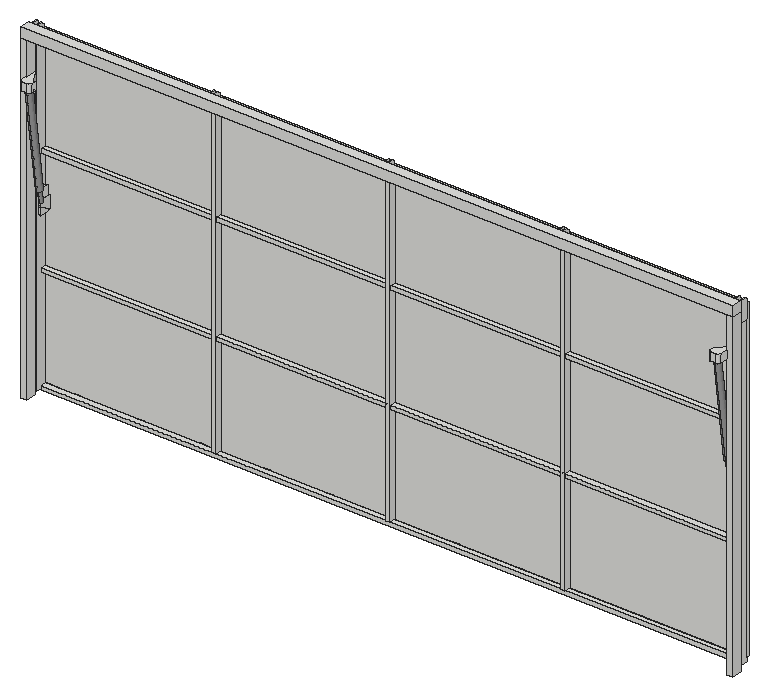
Revit family "Door-Hydraulic-PowerLift-Standard_Frame-Small", category Doors, host Wall, Revit 2026
Family settings
  Host = Wall
  Classification Number = 23.30.10.00
  Always vertical = Yes
  Cut with Voids When Loaded = No
  Shared = No
  Room Calculation Point = No
Parameters (values of type "30'W x 14'H")
  Vertical Rail Spacing [instance] = 88.50"
  URL = "https://powerliftdoors.com/"
  Type Comments = ""  # constant formula
  Rough Width = Width  # 360.00"
  Rough Opening Width [instance] = if(Outside Mount, Width - (3.00" * 2), Width)  # 354.00"
  Rough Opening Height [instance] = if(Outside Mount, Height - 5.00", Height)  # 163.00"
  Rough Height = Height  # 168.00"
  Outside Mount [instance] = not(Inside Mount)  # yes
  Model = "Standard Frame, Small Cylinder"
  Metal Sheeting Thickness [instance] = 1.00"
  Metal Sheeting Material [instance] = Steel - PowerLift
  Manufacturer Website = ""
  Manufacturer Phone - Toll Free = "855-368-9595"
  Manufacturer Phone = "507-368-9500"
  Manufacturer Fax = "507-368-1358"
  Manufacturer Email = "https://powerliftdoors.com/contact/"
  Manufacturer Address = "1482 200th Ave., P.O. Box 311, Lake Benton, MN 56149"
  Manufacturer = "PowerLift Hydraulic Doors"
  Inside Mount [instance] = no
  Horizontal Rail Spacing [instance] = 45.375"
  Function = Exterior
  Height = 168.00"
  Wall Closure = By host
  Width = 360.00"
  Frame Offset [instance] = if(Inside Mount, 7.00" + Metal Sheeting Thickness, 0.00")  # 0.00"
  Frame Material [instance] = Steel - PowerLift
  Door Open [instance] = no
  Door Closed [instance] = not(Door Open)  # yes
  Description = "Hydraulic Door - Standard Frame, Small Cylinder"
  Bottom Truss Interior [instance] = no
  Bottom Truss Exterior [instance] = not(Bottom Truss Interior)  # yes
  Analytic Construction = "<None>"
Types (58): name | Rough Width | Rough Opening Width | Rough Opening Height | Rough Height | Height | Width
  10'W x 16'H | 120.00" | 114.00" | 187.00" | 192.00" | 192.00" | 120.00"
  12'W x 16'H | 144.00" | 138.00" | 187.00" | 192.00" | 192.00" | 144.00"
  14'W x 16'H | 168.00" | 162.00" | 187.00" | 192.00" | 192.00" | 168.00"
  16'W x 16'H | 192.00" | 186.00" | 187.00" | 192.00" | 192.00" | 192.00"
  18'W x 16'H | 216.00" | 210.00" | 187.00" | 192.00" | 192.00" | 216.00"
  20'W x 16'H | 240.00" | 234.00" | 187.00" | 192.00" | 192.00" | 240.00"
  22'W x 16'H | 264.00" | 258.00" | 187.00" | 192.00" | 192.00" | 264.00"
  24'W x 16'H | 288.00" | 282.00" | 187.00" | 192.00" | 192.00" | 288.00"
  26'W x 16'H | 312.00" | 306.00" | 187.00" | 192.00" | 192.00" | 312.00"
  28'W x 16'H | 336.00" | 330.00" | 187.00" | 192.00" | 192.00" | 336.00"
  30'W x 14'H | 360.00" | 354.00" | 163.00" | 168.00" | 168.00" | 360.00"
  30'W x 16'H | 360.00" | 354.00" | 187.00" | 192.00" | 192.00" | 360.00"
  32'W x 8'H | 384.00" | 378.00" | 91.00" | 96.00" | 96.00" | 384.00"
  32'W x 10'H | 384.00" | 378.00" | 115.00" | 120.00" | 120.00" | 384.00"
  32'W x 12'H | 384.00" | 378.00" | 139.00" | 144.00" | 144.00" | 384.00"
  32'W x 14'H | 384.00" | 378.00" | 163.00" | 168.00" | 168.00" | 384.00"
  32'W x 16'H | 384.00" | 378.00" | 187.00" | 192.00" | 192.00" | 384.00"
  34'W x 8'H | 408.00" | 402.00" | 91.00" | 96.00" | 96.00" | 408.00"
  34'W x 10'H | 408.00" | 402.00" | 115.00" | 120.00" | 120.00" | 408.00"
  34'W x 12'H | 408.00" | 402.00" | 139.00" | 144.00" | 144.00" | 408.00"
  34'W x 14'H | 408.00" | 402.00" | 163.00" | 168.00" | 168.00" | 408.00"
  34'W x 16'H | 408.00" | 402.00" | 187.00" | 192.00" | 192.00" | 408.00"
  36'W x 8'H | 432.00" | 426.00" | 91.00" | 96.00" | 96.00" | 432.00"
  36'W x 10'H | 432.00" | 426.00" | 115.00" | 120.00" | 120.00" | 432.00"
  36'W x 12'H | 432.00" | 426.00" | 139.00" | 144.00" | 144.00" | 432.00"
  36'W x 14'H | 432.00" | 426.00" | 163.00" | 168.00" | 168.00" | 432.00"
  36'W x 16'H | 432.00" | 426.00" | 187.00" | 192.00" | 192.00" | 432.00"
  38'W x 8'H | 456.00" | 450.00" | 91.00" | 96.00" | 96.00" | 456.00"
  38'W x 10'H | 456.00" | 450.00" | 115.00" | 120.00" | 120.00" | 456.00"
  38'W x 12'H | 456.00" | 450.00" | 139.00" | 144.00" | 144.00" | 456.00"
  38'W x 14'H | 456.00" | 450.00" | 163.00" | 168.00" | 168.00" | 456.00"
  40'W x 8'H | 480.00" | 474.00" | 91.00" | 96.00" | 96.00" | 480.00"
  40'W x 10'H | 480.00" | 474.00" | 115.00" | 120.00" | 120.00" | 480.00"
  40'W x 12'H | 480.00" | 474.00" | 139.00" | 144.00" | 144.00" | 480.00"
  40'W x 14'H | 480.00" | 474.00" | 163.00" | 168.00" | 168.00" | 480.00"
  42'W x 8'H | 504.00" | 498.00" | 91.00" | 96.00" | 96.00" | 504.00"
  42'W x 10'H | 504.00" | 498.00" | 115.00" | 120.00" | 120.00" | 504.00"
  42'W x 12'H | 504.00" | 498.00" | 139.00" | 144.00" | 144.00" | 504.00"
  44'W x 8'H | 528.00" | 522.00" | 91.00" | 96.00" | 96.00" | 528.00"
  44'W x 10'H | 528.00" | 522.00" | 115.00" | 120.00" | 120.00" | 528.00"
  44'W x 12'H | 528.00" | 522.00" | 139.00" | 144.00" | 144.00" | 528.00"
  46'W x 8'H | 552.00" | 546.00" | 91.00" | 96.00" | 96.00" | 552.00"
  46'W x 10'H | 552.00" | 546.00" | 115.00" | 120.00" | 120.00" | 552.00"
  46'W x 12'H | 552.00" | 546.00" | 139.00" | 144.00" | 144.00" | 552.00"
  48'W x 8'H | 576.00" | 570.00" | 91.00" | 96.00" | 96.00" | 576.00"
  48'W x 10'H | 576.00" | 570.00" | 115.00" | 120.00" | 120.00" | 576.00"
  48'W x 12'H | 576.00" | 570.00" | 139.00" | 144.00" | 144.00" | 576.00"
  50'W x 8'H | 600.00" | 594.00" | 91.00" | 96.00" | 96.00" | 600.00"
  50'W x 10'H | 600.00" | 594.00" | 115.00" | 120.00" | 120.00" | 600.00"
  52'W x 8'H | 624.00" | 618.00" | 91.00" | 96.00" | 96.00" | 624.00"
  52'W x 10'H | 624.00" | 618.00" | 115.00" | 120.00" | 120.00" | 624.00"
  54'W x 8'H | 648.00" | 642.00" | 91.00" | 96.00" | 96.00" | 648.00"
  54'W x 10'H | 648.00" | 642.00" | 115.00" | 120.00" | 120.00" | 648.00"
  56'W x 8'H | 672.00" | 666.00" | 91.00" | 96.00" | 96.00" | 672.00"
  56'W x 10'H | 672.00" | 666.00" | 115.00" | 120.00" | 120.00" | 672.00"
  58'W x 8'H | 696.00" | 690.00" | 91.00" | 96.00" | 96.00" | 696.00"
  58'W x 10'H | 696.00" | 690.00" | 115.00" | 120.00" | 120.00" | 696.00"
  60'W x 8'H | 720.00" | 714.00" | 91.00" | 96.00" | 96.00" | 720.00"
Reference planes (in)
  plane 1 "Center (Front/Back)": y = 0
  plane 2 "Center (Left/Right)": x = 0
  plane 3 "Left": x = -180
  plane 4 "Right": x = 180
  plane 5 "Top": z = 168
  plane 6 "Exterior": y = 12
  plane 7 "Interior": y = -12
  plane 8 "Door Frame Host": y = 12
  plane 9: x = -177
  plane 10: x = 177
  plane 11 "Cylinder Left": x = -174.15525
  plane 12 "Cylinder Right": x = 174.09475
  plane 13 "Door Panel Host": y = 17
  plane 14 "Open Door Projection": y = 185
  plane 15: z = 88.53
  plane 16: y = 17.25
  plane 17: y = 98.11063
  plane 18: z = 163.10938
  plane 19: y = 9.5
  plane 20: z = 144
  plane 21: z = 162.5
  plane 22: y = 24.14063
Forms (in)
  Extrusion 1, solid, material "Steel - PowerLift" <- "Frame Material"
    sketch origin (0, 0, 0) x (1, 0, 0) y (0, 1, 0)
      loop
        line (-180, 17) -> (-180, 12) -> (-177, 12) -> (-177, 17) -> (-180, 17)
      loop
        line (177, 17) -> (177, 12) -> (180, 12) -> (180, 17) -> (177, 17)
    from 0 to 163
  Extrusion 2, solid, material "Steel - PowerLift" <- "Frame Material"
    sketch origin (0, 0, 0) x (0, 1, 0) y (0, 0, 1)
      loop
        line (12, 168) -> (12, 163) -> (17, 163) -> (17, 168) -> (12, 168)
    from -180 to 180
  Extrusion 3, solid, material "Steel - PowerLift" <- "Frame Material", visible <- "Inside Mount"
    sketch origin (180, 0, 0) x (0, -1, 0) y (0, 0, 1)
      loop
        line (-12, 165) -> (-12, 129) -> (-7, 134) -> (-7, 160) -> (-12, 165)
    from 0 to 3
  Extrusion 4, solid, material "Steel - PowerLift" <- "Frame Material", visible <- "Inside Mount", detail levels medium+fine
    sketch origin (-180, 0, 0) x (0, -1, 0) y (0, 0, 1)
      loop
        line (-12, 165) -> (-12, 129) -> (-7, 134) -> (-7, 160) -> (-12, 165)
    from 0 to -3
  Extrusion 5, solid, material "Steel - PowerLift" <- "Frame Material", detail levels medium+fine
    sketch origin (0, 0, 0) x (1, 0, 0) y (0, 1, 0)
      loop
        line (-177, 16.5) -> (-177, 8.25)
        arc (-177, 8.25) -> (-176.63388, 7.36612) -> (-175.75, 7) r 1.25
        line (-175.75, 7) -> (-172.875, 7)
        arc (-172.875, 7) -> (-171.99112, 7.36612) -> (-171.625, 8.25) r 1.25
        line (-171.625, 8.25) -> (-171.625, 10.625) -> (-172.375, 10.625) -> (-176.25, 16.5) -> (-177, 16.5)
      loop
        line (177, 16.5) -> (176.25, 16.5) -> (172.375, 10.625) -> (171.625, 10.625) -> (171.625, 8.25)
        arc (171.625, 8.25) -> (171.99112, 7.36612) -> (172.875, 7) r 1.25
        line (172.875, 7) -> (175.75, 7)
        arc (175.75, 7) -> (176.63388, 7.36612) -> (177, 8.25) r 1.25
        line (177, 8.25) -> (177, 16.5)
    from 142.875 to 146.875
Lines and regions (in)
  Opening 1
    outline origin (-90, -12, 0) x (1, 0, 0) y (0, 0, 1)
      loop
        line (-87, 0) -> (267, 0) -> (267, 163) -> (-87, 163) -> (-87, 0)
  symbolic lines, style "Elevation Swing"
    curve 1: line (-180, 12, 0) -> (0, 12, 168)
    curve 2: line (0, 12, 168) -> (180, 12, 0)
    curve 7: line (-180, 12, 0) -> (-180, 185, 0)
    curve 8: line (-180, 185, 0) -> (180, 185, 0)
    curve 9: line (180, 185, 0) -> (180, 12, 0)
  reference lines
    curve 3: line (-174.15525, 9.5, 144) -> (-174.15525, 17.25, 88.53)
    curve 4: line (174.09475, 9.5, 144) -> (174.09475, 17.25, 88.53)
    curve 5: line (174.09475, 9.5, 144) -> (174.09475, 98.11063, 163.10938)
    curve 6: line (-174.15525, 9.5, 144) -> (-174.15525, 98.11063, 163.10938)
  model lines
    curve 10: line (0, 19.84375, 166.25) -> (0, 20.90625, 166.25)
Text (in)
  text "Exterior" at (-74.96733, 52.57988, 0), in view "Ref. Level"
  text "Interior" at (-74.96733, -25.14366, 0), in view "Ref. Level"
  text "Exterior" at (0, 40.15149, 123.01588), in view "Right"
  text "Interior" at (0, -64.39139, 123.01588), in view "Right"
  text "Interior" at (0, -31.01599, 223.00693), in view "Left"
  text "Exterior" at (0, 54.57065, 223.00693), in view "Left"
Dimensions and locks (in)
  equal spacing: plane 3 "Left", plane 2 "Center (Left/Right)", plane 4 "Right"
  "Width": plane 3 "Left" to plane 4 "Right"
  "Frame Offset": plane 8 "Door Frame Host" to plane 6 "Exterior"
  locked: Extrusion 1 sketch curve to plane 4 "Right" at 3
  locked: plane 3 "Left" to Extrusion 1 sketch curve at 3
  locked: Extrusion 1 to plane 5 "Top" at 5
  "Height": level to plane 5 "Top"
  locked: plane 8 "Door Frame Host" to Extrusion 2 sketch curve at 5
  locked: Extrusion 2 sketch curve to plane 5 "Top" at 5
  Extrusion 3 sketch curve to Extrusion 3 sketch curve to Extrusion 3 sketch curve to Extrusion 3 sketch curve to plane 5 "Top" = 5.00" locked, 26.00" locked, 5.00" locked, 3.00" locked
  locked: Extrusion 3 sketch curve to plane 8 "Door Frame Host" at 5
  locked: plane 3 "Left" to plane 9 at 3
  locked: plane 10 to plane 4 "Right" at 3
  locked: plane 8 "Door Frame Host" to Extrusion 4 sketch curve at 5
  Extrusion 4 sketch curve to Extrusion 4 sketch curve to Extrusion 4 sketch curve to Extrusion 4 sketch curve to plane 5 "Top" = 5.00" locked, 26.00" locked, 5.00" locked, 3.00" locked
  Extrusion 5 sketch curve to plane 8 "Door Frame Host" to Extrusion 5 sketch curve to Extrusion 5 sketch curve = 4.50" locked, 1.375" locked, 3.625" locked  (x2)
  Extrusion 5 to Extrusion 5 to plane 5 "Top" = 4.00" locked, 21.125" locked
  locked: plane 3 "Left" to plane 11 "Cylinder Left" at 5.84475
  locked: plane 12 "Cylinder Right" to plane 4 "Right" at 5.90525
  locked: plane 13 "Door Panel Host" to plane 8 "Door Frame Host" at 5
  "Height": plane 14 "Open Door Projection" to plane 13 "Door Panel Host"
  locked: plane 18 to plane 5 "Top" at 4.89062
  plane 13 "Door Panel Host" to plane 22 to plane 17 = 7.14063" locked, 73.97" locked
  equal spacing: Opening 1 sketch curve, plane 2 "Center (Left/Right)", Opening 1 sketch curve
  "Rough Opening Width": Opening 1 sketch curve to Opening 1 sketch curve
  "Rough Opening Height": Opening 1 sketch curve to level
  plane 9 to Extrusion 5 sketch curve to Extrusion 5 sketch curve to Extrusion 5 sketch curve = 0.75" locked, 3.875" locked, 0.75" locked
  Extrusion 5 sketch curve to Extrusion 5 sketch curve to Extrusion 5 sketch curve to plane 10 = 0.75" locked, 3.875" locked, 0.75" locked
  locked: plane 15 to plane 21 at 73.97
  locked: plane 19 to plane 13 "Door Panel Host" at 7.5
  locked: plane 20 to plane 5 "Top" at 24
  locked: plane 13 "Door Panel Host" to plane 16 at 0.25
  plane 16 to plane 13 "Door Panel Host" = 0.25"
  locked: nested 4 to plane 14 "Open Door Projection" at 0.35937
  locked: plane 21 to plane 5 "Top" at 5.5
  aligned and locked: plane 6 "Exterior" to host wall
  aligned and locked: host wall to plane 7 "Interior"
  aligned and locked: plane 8 "Door Frame Host" to Extrusion 1 sketch curve  (x2)
  aligned and locked: Extrusion 1 sketch curve to plane 3 "Left"
  aligned and locked: plane 4 "Right" to Extrusion 1 sketch curve
  aligned and locked: plane 8 "Door Frame Host" to Extrusion 2 sketch curve
  aligned and locked: plane 5 "Top" to Extrusion 2 sketch curve
  aligned and locked: plane 8 "Door Frame Host" to Extrusion 3 sketch curve
  aligned and locked: Extrusion 3 to plane 10
  aligned and locked: Extrusion 4 sketch curve to plane 8 "Door Frame Host"
  aligned and locked: plane 9 to Extrusion 4
  aligned and locked: plane 3 "Left" to Extrusion 2
  aligned and locked: Extrusion 2 to plane 4 "Right"
  aligned and locked: Extrusion 5 sketch curve to plane 9
  aligned and locked: Extrusion 5 sketch curve to plane 10
  aligned and locked: plane 2 "Center (Left/Right)" to nested 1
  aligned and locked: nested 1 to plane 13 "Door Panel Host"
  aligned and locked: nested 2 to curve 4
  aligned and locked: plane 11 "Cylinder Left" to nested 3
  aligned and locked: plane 2 "Center (Left/Right)" to nested 4
  aligned and locked: level to curve 2
  aligned and locked: plane 4 "Right" to curve 2
  aligned and locked: plane 3 "Left" to curve 1
  aligned and locked: curve 1 to level
  aligned and locked: plane 5 "Top" to curve 2
  aligned and locked: curve 2 to plane 2 "Center (Left/Right)"
  aligned and locked: nested 5 to curve 5
  aligned and locked: curve 7 to plane 3 "Left"
  aligned and locked: curve 9 to plane 4 "Right"
  aligned and locked: Opening 1 sketch curve to level
  aligned and locked: Extrusion 1 sketch curve to plane 13 "Door Panel Host"
  aligned and locked: plane 13 "Door Panel Host" to Extrusion 1 sketch curve
  aligned and locked: plane 15 to curve 4
  aligned and locked: plane 15 to curve 3
  aligned and locked: plane 20 to curve 4
  aligned and locked: plane 19 to curve 4
  aligned and locked: plane 18 to curve 5
  aligned and locked: plane 17 to curve 5
  aligned and locked: nested 4 to plane 18
  aligned and locked: curve 8 to plane 14 "Open Door Projection"
Automatic sketch dimensions
  curve 9 to host wall = 0.00"
  curve 7 to host wall = 0.00"
  plane 9 to Extrusion 5 sketch curve = 1.25"
  Extrusion 5 sketch curve to Extrusion 5 sketch curve = 1.25"  (x2)
  plane 12 "Cylinder Right" to Extrusion 5 sketch curve = 1.21975"
  curve 4 to plane 16 = 0.00"
  curve 6 to plane 19 = 0.00"
  curve 3 to plane 16 = 0.00"
  curve 6 to plane 17 = 0.00"
  curve 6 to plane 20 = 0.00"
  curve 6 to plane 18 = 0.00"
  plane 16 to curve 10 = 2.59375"
  plane 5 "Top" to curve 10 = 1.75"
  curve 10 to curve 10 = 1.0625"
Nested families (in)
  nested 1: "Door-PowerLift-Standard_Small_Frame-Front" at (0, 17, 0), visible <- "Door Closed", type "Door-PowerLift-Standard_Small_Frame-Front"
    with Metal Sheeting Bottom Extension 4.00", Width 360.00", Vertical Bay Cantilever 88.75", Horizontal Bay Cantilever 52.16667", Height 168.00"
  nested 2: "Door-PowerLift-Standard_Small_Frame-Cylinder" at (174.09475, 17.25173, 88.51762) x (-1, 0, 0) z (0, -0.1384, 0.9904), visible <- "Door Closed", type "Door-PowerLift-Cylinder", detail levels medium+fine
    with Axis to Axis Distance 56.34598"
  nested 3: "Door-PowerLift-Standard_Small_Frame-Cylinder" at (-174.15525, 17.25, 88.53) x (1, 0, 0) z (0, -0.1384, 0.9904), visible <- "Door Closed", type "Door-PowerLift-Cylinder", detail levels medium+fine
    with Axis to Axis Distance 56.33348"
  nested 4: "Door-PowerLift-Standard_Small_Frame-Front" at (0, 186.64063, 162.85938) x (1, 0, 0) z (0, -1, 0), visible <- "Door Open", type "Door-PowerLift-Standard_Small_Frame-Front"
    with Metal Sheeting Bottom Extension 4.00", Width 360.00", Vertical Bay Cantilever 88.75", Horizontal Bay Cantilever 52.16667", Height 168.00"
  nested 5: "Door-PowerLift-Standard_Small_Frame-Cylinder" at (174.09475, 98.11063, 163.10938) x (-1, 0, 0) z (0, -0.9775, -0.2108), visible <- "Door Open", type "Door-PowerLift-Cylinder", detail levels medium+fine
    with Axis to Axis Distance 93.26287"
  nested 6: "Door-PowerLift-Standard_Small_Frame-Cylinder" at (-174.15525, 98.11063, 163.10938) x (1, 0, 0) z (0, -0.9775, -0.2108), visible <- "Door Open", type "Door-PowerLift-Cylinder", detail levels medium+fine
    with Axis to Axis Distance 93.26287"
Definition of nested family "Door-PowerLift-Standard_Small_Frame-Front"
  Parameters (values of type "Door-PowerLift-Standard_Small_Frame-Front")
    Width = 359.75"
    Vertical Rail No Array = not(Vertical Rail Array)  # no
    Vertical Rail Array Quantity Auxiliary = if(Vertical Rail Array Quantity > 1, Vertical Rail Array Quantity, 2)  # 3
    Vertical Rail Array Quantity = ((Width - (2.50" * 2)) / Vertical Bay Spacing) - 1  # 3
    Vertical Bay Spacing = 88.50"
    Vertical Bay Cantilever = (Width - (2.50" * 2)) / (Vertical Rail Array Quantity + 1)  # 88.6875"
    Metal Sheeting Thickness = 1.00"
    Metal Sheeting Material = none
    Metal Sheeting Bottom Extension [instance] = if(Bottom Truss Interior, 2.00", 4.00")  # 4.00"
    Horizontal Rail No Array = not(Horizontal Rail Array)  # no
    Horizontal Rail Array Quantity Auxiliary = if(Horizontal Rail Array Quantity > 1, Horizontal Rail Array Quantity, 2)  # 2
    Horizontal Rail Array Quantity = ((Height - 5.50" - 6.00") / Horizontal Bay Spacing) - 1  # 2
    Horizontal Rail Array = Horizontal Rail Array Quantity > 1  # yes
    Horizontal Bay Spacing = 45.375"
    Vertical Rail Array = Vertical Rail Array Quantity > 1  # yes
    Horizontal Bay Cantilever = (Height - 5.50" - 6.00") / (Horizontal Rail Array Quantity + 1)  # 44.00"
    Frame Material = none
    Bottom Truss Rail Array = ((Width - (20.50" * 2)) / 31.875") + 1  # 11
    Height = 143.50"
    Default Elevation = 0.00"
    Bottom Truss Interior = no
    Bottom Truss Exterior = not(Bottom Truss Interior)  # yes
  Types (2): name | Width | Vertical Rail Array Quantity Auxiliary | Vertical Rail Array Quantity | Vertical Bay Cantilever | Horizontal Bay Cantilever | Bottom Truss Rail Array | Height
    Door-PowerLift-Standard_Small_Frame-Front | 359.75" | 3 | 3 | 88.6875" | 44.00" | 11 | 143.50"
    Door-PowerLift-Standard_Frame-Front | 480.00" | 4 | 4 | 95.00" | 44.16667" | 15 | 144.00"
  Reference planes (in)
    plane 1 "Center (Front/Back)": y = 0
    plane 2: z = 0
    plane 3 "Center (Left/Right)": x = 0
    plane 4 "Left": x = -179.875
    plane 5 "Right": x = 179.875
    plane 6 "Top": z = 143.5
    plane 7: x = -159.375
    plane 8: x = 159.375
    plane 9: y = 5.25
    plane 10: x = -176.875
    plane 11: x = 176.875
    plane 12: x = -88.1875
    plane 13: x = 88.1875
    plane 14: y = 6.25
    plane 15: z = 48
    plane 16: z = 94
    plane 17: z = 138
    plane 18: z = 4
    plane 19: z = 71
    plane 20: z = 64.03
    plane 21: y = 0.25
    plane 22: y = 2.25
    plane 23: z = 69.5
    plane 24: z = 57.5
  Forms (in)
    Extrusion 1, solid, material <- "Frame Material"
      sketch origin (0, 0, 0) x (1, 0, 0) y (0, 0, 1)
        loop
          line (-178.875, 140) -> (-178.875, 2) -> (-175.875, 2) -> (-175.875, 138) -> (175.875, 138) -> (175.875, 2) -> (178.875, 2) -> (178.875, 140) -> (-178.875, 140)
      from -5.25 to -0.25
    Extrusion 2, solid, material <- "Frame Material"
      sketch origin (0, 0, 0) x (0, 1, 0) y (0, 0, 1)
        loop
          line (2.25, 4) -> (2.25, 2) -> (5.25, 2) -> (5.25, 4) -> (2.25, 4)
      from -176.625 to 176.625
    Extrusion 3, solid, material <- "Frame Material", visible <- "Bottom Truss Exterior"
      sketch origin (0, 0, 0) x (1, 0, 0) y (0, 1, 0)
        loop
          line (-168.80393, 5.25) -> (-160.875, 13.17893) -> (-160.875, 15.25) -> (160.875, 15.25) -> (160.875, 13.17893) -> (168.80393, 5.25) -> (175.875, 5.25) -> (160.875, 20.25) -> (-160.875, 20.25) -> (-175.875, 5.25) -> (-168.80393, 5.25)
      from 2 to 4
    Extrusion 4, solid, material <- "Frame Material", visible <- "Bottom Truss Interior"
      sketch origin (0, 3.5, 0) x (1, 0, 0) y (0, 1, 0)
        loop
          line (-168.80393, -1.25) -> (-175.875, -1.25) -> (-160.875, -16.25) -> (160.875, -16.25) -> (175.875, -1.25) -> (168.80393, -1.25) -> (160.875, -9.17893) -> (160.875, -11.25) -> (-160.875, -11.25) -> (-160.875, -9.17893) -> (-168.80393, -1.25)
      from 2 to 4
    Extrusion 5, solid, material <- "Metal Sheeting Material"
      sketch origin (0, 0, 0) x (1, 0, 0) y (0, 1, 0)
        loop
          line (-178.875, 6.25) -> (-178.875, 5.25) -> (178.875, 5.25) -> (178.875, 6.25) -> (-178.875, 6.25)
      from 4 <- "Metal Sheeting Bottom Extension" to 140
    Extrusion 6, solid, material <- "Frame Material", detail levels medium+fine
      sketch origin (179.875, 0, 0) x (0, -1, 0) y (0, 0, -1)
        loop
          line (-4.625, -140) -> (-4.625, -142) -> (-3.625, -143) -> (-1.25, -143) -> (-0.25, -142) -> (-0.25, -140) -> (-4.625, -140)
      from -3.25 to -5.75
    Extrusion 7, void
      sketch origin (0, 0, 0) x (1, 0, 0) y (0, 0, 1)
        loop
          line (176.25, 140.375) -> (176.25, 143.375) -> (173.125, 143.375) -> (173.125, 140.375) -> (176.25, 140.375)
      from 0 to -4.625
    Extrusion 8, solid, material <- "Frame Material", detail levels medium+fine
      sketch origin (-179.875, 0, 0) x (0, -1, 0) y (0, 0, 1)
        loop
          line (-0.25, 140) -> (-0.25, 142) -> (-1.25, 143) -> (-3.625, 143) -> (-4.625, 142) -> (-4.625, 140) -> (-0.25, 140)
      from -3.25 to -5.75
    Extrusion 9, void
      sketch origin (0, 0, 0) x (1, 0, 0) y (0, 0, 1)
        loop
          line (-176.25, 140.375) -> (-174.125, 140.375) -> (-174.125, 143.375) -> (-176.25, 143.375) -> (-176.25, 140.375)
      from 0 to -4.625
    Extrusion 10, solid, material <- "Frame Material", detail levels medium+fine
      sketch origin (179.875, 0, 0) x (0, -1, 0) y (0, 0, -1)
        loop
          line (-0.125, -142) -> (-0.125, -134)
          arc (-0.125, -134) -> (-0.41789, -133.29289) -> (-1.125, -133) r 1
          line (-1.125, -133) -> (-3.625, -133)
          arc (-3.625, -133) -> (-4.33211, -133.29289) -> (-4.625, -134) r 1
          line (-4.625, -134) -> (-4.625, -142)
          arc (-4.625, -142) -> (-4.33211, -142.70711) -> (-3.625, -143) r 1
          line (-3.625, -143) -> (-1.125, -143)
          arc (-1.125, -143) -> (-0.41789, -142.70711) -> (-0.125, -142) r 1
      from -0.5 to -1
    Extrusion 11, solid, material <- "Frame Material", detail levels medium+fine
      sketch origin (-179.875, 0, 0) x (0, -1, 0) y (0, 0, 1)
        loop
          arc (-0.125, 142) -> (-0.41789, 142.70711) -> (-1.125, 143) r 1
          line (-1.125, 143) -> (-3.625, 143)
          arc (-3.625, 143) -> (-4.33211, 142.70711) -> (-4.625, 142) r 1
          line (-4.625, 142) -> (-4.625, 134)
          arc (-4.625, 134) -> (-4.33211, 133.29289) -> (-3.625, 133) r 1
          line (-3.625, 133) -> (-1.125, 133)
          arc (-1.125, 133) -> (-0.41789, 133.29289) -> (-0.125, 134) r 1
          line (-0.125, 134) -> (-0.125, 142)
      from -0.5 to -1
    Extrusion 12, solid, material <- "Frame Material", detail levels medium+fine
      sketch origin (0, 0, 0) x (1, 0, 0) y (0, 1, 0)
        loop
          line (-175.875, 5.25) -> (-175.875, 0.83012) -> (-174.375, 0.83012) -> (-174.375, 5.25) -> (-175.875, 5.25)
        loop
          line (175.875, 5.25) -> (174.375, 5.25) -> (174.375, 2) -> (175.875, 2) -> (175.875, 5.25)
      from 57.5 to 69.5
    Extrusion 13, solid, material <- "Frame Material", detail levels medium+fine
      sketch origin (179.875, 0, 6.125) x (0, -1, 0) y (0, 0, -1)
        loop
          arc (-0.25, -58.875) -> (0.28033, -58.65533) -> (0.5, -58.125) r 0.75
          line (0.5, -58.125) -> (0.5, -56.43465)
          arc (0.5, -56.43465) -> (0.36051, -55.99901) -> (-0.00609, -55.72542) r 0.75
          line (-0.00609, -55.72542) -> (-5.25, -52.875) -> (-5.25, -58.875) -> (-0.25, -58.875)
      from -6.25 to -5.5
    Extrusion 14, solid, material <- "Frame Material", detail levels medium+fine
      sketch origin (-179.875, 0, 6.125) x (0, -1, 0) y (0, 0, 1)
        loop
          line (-0.25, 58.875) -> (-5.25, 58.875) -> (-5.25, 52.875) -> (0.21252, 55.84425)
          arc (0.21252, 55.84425) -> (0.42431, 56.10632) -> (0.5, 56.43465) r 0.75
          line (0.5, 56.43465) -> (0.5, 58.125)
          arc (0.5, 58.125) -> (0.28033, 58.65533) -> (-0.25, 58.875) r 0.75
      from -6.25 to -5.5
  Cuts and joins
    Extrusion 7 cuts Extrusion 6
    Extrusion 9 cuts Extrusion 8
  Dimensions and locks (in)
    equal spacing: plane 4 "Left", plane 3 "Center (Left/Right)", plane 5 "Right"
    "Width": plane 4 "Left" to plane 5 "Right"
    locked: plane 4 "Left" to plane 7 at 20.5
    locked: plane 8 to plane 5 "Right" at 20.5
    "Height": plane 2 to plane 6 "Top"
    plane 5 "Right" to Extrusion 1 sketch curve to Extrusion 1 sketch curve = 1.00" locked, 3.00" locked
    plane 4 "Left" to Extrusion 1 sketch curve to Extrusion 1 sketch curve = 1.00" locked, 3.00" locked
    Extrusion 1 sketch curve to Extrusion 1 sketch curve to plane 6 "Top" = 2.00" locked, 3.50" locked
    locked: plane 2 to Extrusion 1 sketch curve at 2  (x2)
    locked: plane 4 "Left" to Extrusion 2 at 3.25
    locked: Extrusion 2 to plane 5 "Right" at 3.25
    plane 9 to Extrusion 3 sketch curve to Extrusion 3 sketch curve = 10.00" locked, 5.00" locked
    locked: Extrusion 3 sketch curve to plane 5 "Right" at 19
    locked: plane 4 "Left" to Extrusion 3 sketch curve at 19
    Extrusion 3 sketch curve to Extrusion 3 sketch curve to plane 5 "Right" = 7.07107" locked, 4.00" locked
    plane 4 "Left" to Extrusion 3 sketch curve to Extrusion 3 sketch curve = 4.00" locked, 7.07107" locked
    Extrusion 3 to Extrusion 3 to level = 2.00" locked, 2.00" locked
    plane 1 "Center (Front/Back)" to plane 21 to plane 9 = 0.25" locked, 5.00" locked
    locked: plane 4 "Left" to plane 10 at 3
    locked: plane 11 to plane 5 "Right" at 3
    equal spacing: group 1, group 11, group 2  (x2)
    equal spacing: group 2, group 11, group 1
    "Vertical Bay Cantilever": plane 12 to plane 10
    "Vertical Bay Cantilever": plane 11 to plane 13
    equal spacing: group 3, group 5, group 12, group 13, group 14, group 15, group 16, group 17, group 18, group 26, group 4  (x3)
    plane 22 to Extrusion 4 sketch curve to Extrusion 4 sketch curve = 10.00" locked, 5.00" locked
    Extrusion 4 sketch curve to Extrusion 4 sketch curve to plane 5 "Right" = 7.07107" locked, 4.00" locked
    plane 4 "Left" to Extrusion 4 sketch curve to Extrusion 4 sketch curve = 4.00" locked, 7.07107" locked
    locked: Extrusion 4 to Extrusion 4 at 2
    equal spacing: group 6, group 8, group 19, group 20, group 21, group 22, group 23, group 24, group 25, group 27, group 7  (x3)
    "Metal Sheeting Thickness": plane 14 to plane 9
    Extrusion 5 to plane 2 = 4.00"
    locked: plane 6 "Top" to Extrusion 5 at 3.5
    locked: Extrusion 5 sketch curve to plane 5 "Right" at 1
    locked: plane 4 "Left" to Extrusion 5 sketch curve at 1
    plane 6 "Top" to Extrusion 6 sketch curve to Extrusion 6 sketch curve to Extrusion 6 sketch curve to Extrusion 6 sketch curve = 0.50" locked, 1.00" locked, 0.00" locked, 2.00"
    plane 5 "Right" to Extrusion 6 to Extrusion 6 = 3.25" locked, 2.50" locked
    Extrusion 8 sketch curve to Extrusion 8 sketch curve to Extrusion 8 sketch curve to Extrusion 8 sketch curve to plane 6 "Top" = 2.00" locked, 0.00" locked, 1.00" locked, 0.50" locked
    Extrusion 8 to Extrusion 8 to plane 4 "Left" = 2.50", 3.25"
    plane 4 "Left" to Extrusion 9 sketch curve to Extrusion 9 sketch curve = 3.625" locked, 2.125" locked
    Extrusion 9 sketch curve to Extrusion 9 sketch curve to plane 6 "Top" = 3.00" locked, 0.125" locked
    plane 6 "Top" to Extrusion 10 sketch curve to Extrusion 10 sketch curve = 0.50" locked, 10.00" locked
    plane 6 "Top" to Extrusion 11 sketch curve to Extrusion 11 sketch curve = 0.50" locked, 10.00" locked
    plane 4 "Left" to Extrusion 11 to Extrusion 11 = 0.50" locked, 0.50" locked
    plane 4 "Left" to Extrusion 12 sketch curve to Extrusion 12 sketch curve = 4.00" locked, 1.50" locked
    Extrusion 12 sketch curve to Extrusion 12 sketch curve to plane 5 "Right" = 1.50" locked, 4.00" locked
    plane 6 "Top" to Extrusion 12 to Extrusion 12 = 74.00", 12.00"
    plane 4 "Left" to Extrusion 14 to Extrusion 14 = 5.50" locked, 0.75" locked
    Extrusion 13 to Extrusion 13 to plane 5 "Right" = 0.75" locked, 5.50" locked
    Extrusion 10 to Extrusion 10 to plane 5 "Right" = 0.50" locked, 0.50" locked
    plane 17 to plane 6 "Top" = 5.50"
    group 9 to group 10 = 0.00"
    group 10 to group 9 = 0.00"
    group 9 to group 10 = 46.00"
    "Horizontal Bay Cantilever": plane 15 to plane 18
    "Horizontal Bay Cantilever": plane 17 to plane 16
    equal spacing: plane 17, plane 19, plane 18
    locked: plane 21 to Extrusion 2 sketch curve at 2
    plane 6 "Top" to Extrusion 13 sketch curve to Extrusion 13 sketch curve = 78.50" locked, 6.00" locked
    plane 6 "Top" to Extrusion 14 sketch curve to Extrusion 14 sketch curve = 78.50" locked, 6.00" locked
    locked: plane 4 "Left" to Extrusion 4 sketch curve at 19
    locked: Extrusion 4 sketch curve to plane 5 "Right" at 19
    Extrusion 8 sketch curve to Extrusion 8 sketch curve to Extrusion 8 sketch curve to Extrusion 8 sketch curve to plane 1 "Center (Front/Back)" = 1.00" locked, 2.375" locked, 1.00" locked, 0.25" locked
    Extrusion 10 sketch curve to Extrusion 11 to plane 1 "Center (Front/Back)" = 4.50" locked, 0.125" locked
    locked: plane 20 to plane 17 at 73.97
    Extrusion 11 sketch curve to Extrusion 11 sketch curve to plane 1 "Center (Front/Back)" = 4.50" locked, 0.125" locked
    locked: plane 9 to Extrusion 14 sketch curve at 5.75
    locked: plane 18 to plane 2 at 4
    locked: plane 1 "Center (Front/Back)" to plane 22 at 2.25
    locked: plane 20 to plane 24 at 6.53
    locked: plane 24 to plane 23 at 12
    aligned and locked: nested 1 to plane 9
    aligned and locked: plane 12 to nested 1
    aligned and locked: plane 13 to nested 2
    aligned and locked: plane 7 to nested 3
    aligned and locked: nested 6 to plane 7
    aligned and locked: nested 7 to plane 8
    aligned and locked: Extrusion 5 sketch curve to plane 14
    aligned and locked: plane 9 to Extrusion 5 sketch curve
    aligned and locked: plane 3 "Center (Left/Right)" to nested 9
    aligned and locked: nested 9 to plane 9
    aligned and locked: plane 8 to nested 4
    aligned and locked: nested 10 to plane 9
    aligned and locked: plane 15 to nested 10
    aligned and locked: plane 3 "Center (Left/Right)" to nested 12
    aligned and locked: nested 12 to plane 9
    aligned and locked: plane 19 to nested 12
    aligned and locked: plane 16 to nested 11
    aligned and locked: Extrusion 1 to plane 9
    aligned and locked: plane 1 "Center (Front/Back)" to Extrusion 9
    aligned and locked: plane 9 to Extrusion 14 sketch curve
    aligned and locked: plane 9 to Extrusion 13 sketch curve
    aligned and locked: plane 9 to Extrusion 3 sketch curve
    aligned and locked: nested 28 to plane 9
    aligned and locked: nested 2 to plane 9
    aligned and locked: Extrusion 14 to Extrusion 13 sketch curve
    aligned and locked: Extrusion 13 sketch curve to Extrusion 14
    aligned and locked: plane 18 to Extrusion 2 sketch curve
    aligned and locked: Extrusion 1 to plane 21
    aligned and locked: plane 22 to Extrusion 4 sketch curve  (x2)
    aligned and locked: Extrusion 6 sketch curve to cut or joined group of Extrusion 8, Extrusion 9
    aligned and locked: plane 24 to Extrusion 12
    aligned and locked: Extrusion 12 to plane 23
  Automatic sketch dimensions
    Extrusion 2 sketch curve to plane 9 = 0.00"
    Extrusion 3 sketch curve to plane 9 = 0.00"
    Extrusion 3 sketch curve to Extrusion 3 sketch curve = 0.00"  (x2)
    Extrusion 3 sketch curve to Extrusion 3 sketch curve = 2.07107"  (x2)
    plane 11 to Extrusion 7 sketch curve = 3.75"
    plane 11 to Extrusion 7 sketch curve = 0.625"
    Extrusion 7 sketch curve to plane 6 "Top" = 3.125"
    Extrusion 7 sketch curve to plane 6 "Top" = 0.125"
    Extrusion 11 sketch curve to Extrusion 11 sketch curve = 1.00"
    Extrusion 11 sketch curve to plane 9 = 1.625"
    Extrusion 11 sketch curve to plane 1 "Center (Front/Back)" = 1.125"  (x2)
    Extrusion 12 sketch curve to plane 9 = 0.00"  (x2)
    Extrusion 12 sketch curve to plane 1 "Center (Front/Back)" = 2.00"
    Extrusion 12 sketch curve to plane 1 "Center (Front/Back)" = 0.83012"
    Extrusion 14 sketch curve to plane 1 "Center (Front/Back)" = 0.25"  (x2)
    plane 1 "Center (Front/Back)" to Extrusion 14 sketch curve = 0.21252"
    Extrusion 4 sketch curve to Extrusion 4 sketch curve = 2.07107"  (x2)
    Extrusion 4 sketch curve to Extrusion 4 sketch curve = 0.00"  (x2)
    plane 1 "Center (Front/Back)" to Extrusion 6 sketch curve = 1.25"
    plane 9 to Extrusion 6 sketch curve = 1.625"
    plane 14 to Extrusion 6 sketch curve = 1.625"
    plane 14 to Extrusion 10 sketch curve = 2.625"  (x2)
    plane 9 to Extrusion 10 sketch curve = 4.125"
    Extrusion 10 sketch curve to Extrusion 10 sketch curve = 1.00"
    plane 1 "Center (Front/Back)" to Extrusion 13 sketch curve = 0.25"  (x2)
    plane 1 "Center (Front/Back)" to Extrusion 13 sketch curve = 0.00609"
    Extrusion 14 sketch curve to Extrusion 14 sketch curve = 2.28075"
    plane 1 "Center (Front/Back)" to Extrusion 10 sketch curve = 1.125"
    level to Extrusion 2 sketch curve = 2.00"
  Nested families (in)
    nested 1: "Door-PowerLift-Vertical_Rail" at (-88.1875, 5.25, 0), visible <- "Vertical Rail Array", type "Vertical Rail"
    nested 2: "Door-PowerLift-Vertical_Rail" at (88.1875, 5.25, 0), visible <- "Vertical Rail Array", type "Vertical Rail"
    nested 3: "Door-PowerLift-Standard_Small_Frame-Bottom_Truss" at (-159.375, 5.25, 2), visible <- "Bottom Truss Exterior", type "Bottom Truss"
    nested 4: "Door-PowerLift-Standard_Small_Frame-Bottom_Truss" at (159.375, 5.25, 2), visible <- "Bottom Truss Exterior", type "Bottom Truss"
    nested 5: "Door-PowerLift-Standard_Small_Frame-Bottom_Truss" at (-127.5, 5.25, 2), visible <- "Bottom Truss Exterior", type "Bottom Truss"
    nested 6: "Door-PowerLift-Standard_Small_Frame-Bottom_Truss" at (-159.375, 2.25, 2) x (-1, 0, 0) z (0, 0, 1), visible <- "Bottom Truss Interior", type "Bottom Truss"
    nested 7: "Door-PowerLift-Standard_Small_Frame-Bottom_Truss" at (159.375, 2.25, 2) x (-1, 0, 0) z (0, 0, 1), visible <- "Bottom Truss Interior", type "Bottom Truss"
    nested 8: "Door-PowerLift-Standard_Small_Frame-Bottom_Truss" at (-127.5, 2.25, 2) x (-1, 0, 0) z (0, 0, 1), visible <- "Bottom Truss Interior", type "Bottom Truss"
    nested 9: "Door-PowerLift-Vertical_Rail" at (0, 5.25, 0), visible <- "Vertical Rail No Array", type "Vertical Rail"
    nested 10: "Door-PowerLift-Horizontal_Rail" at (0, 5.25, 48), visible <- "Horizontal Rail Array", type "Horizontal Rail"
      with Length 359.75"
    nested 11: "Door-PowerLift-Horizontal_Rail" at (0, 5.25, 94), visible <- "Horizontal Rail Array", type "Horizontal Rail"
      with Length 359.75"
    nested 12: "Door-PowerLift-Horizontal_Rail" at (0, 5.25, 71), visible <- "Horizontal Rail No Array", type "Horizontal Rail"
      with Length 359.75"
    nested 13: "Door-PowerLift-Vertical_Rail" at (0, 5.25, 0), visible <- "Vertical Rail Array", type "Vertical Rail"
    nested 14: "Door-PowerLift-Standard_Small_Frame-Bottom_Truss" at (-95.625, 5.25, 2), visible <- "Bottom Truss Exterior", type "Bottom Truss"
    nested 15: "Door-PowerLift-Standard_Small_Frame-Bottom_Truss" at (-63.75, 5.25, 2), visible <- "Bottom Truss Exterior", type "Bottom Truss"
    nested 16: "Door-PowerLift-Standard_Small_Frame-Bottom_Truss" at (-31.875, 5.25, 2), visible <- "Bottom Truss Exterior", type "Bottom Truss"
    nested 17: "Door-PowerLift-Standard_Small_Frame-Bottom_Truss" at (0, 5.25, 2), visible <- "Bottom Truss Exterior", type "Bottom Truss"
    nested 18: "Door-PowerLift-Standard_Small_Frame-Bottom_Truss" at (31.875, 5.25, 2), visible <- "Bottom Truss Exterior", type "Bottom Truss"
    nested 19: "Door-PowerLift-Standard_Small_Frame-Bottom_Truss" at (63.75, 5.25, 2), visible <- "Bottom Truss Exterior", type "Bottom Truss"
    nested 20: "Door-PowerLift-Standard_Small_Frame-Bottom_Truss" at (95.625, 5.25, 2), visible <- "Bottom Truss Exterior", type "Bottom Truss"
    nested 21: "Door-PowerLift-Standard_Small_Frame-Bottom_Truss" at (-95.625, 2.25, 2) x (-1, 0, 0) z (0, 0, 1), visible <- "Bottom Truss Interior", type "Bottom Truss"
    nested 22: "Door-PowerLift-Standard_Small_Frame-Bottom_Truss" at (-63.75, 2.25, 2) x (-1, 0, 0) z (0, 0, 1), visible <- "Bottom Truss Interior", type "Bottom Truss"
    nested 23: "Door-PowerLift-Standard_Small_Frame-Bottom_Truss" at (-31.875, 2.25, 2) x (-1, 0, 0) z (0, 0, 1), visible <- "Bottom Truss Interior", type "Bottom Truss"
    nested 24: "Door-PowerLift-Standard_Small_Frame-Bottom_Truss" at (0, 2.25, 2) x (-1, 0, 0) z (0, 0, 1), visible <- "Bottom Truss Interior", type "Bottom Truss"
    nested 25: "Door-PowerLift-Standard_Small_Frame-Bottom_Truss" at (31.875, 2.25, 2) x (-1, 0, 0) z (0, 0, 1), visible <- "Bottom Truss Interior", type "Bottom Truss"
    nested 26: "Door-PowerLift-Standard_Small_Frame-Bottom_Truss" at (63.75, 2.25, 2) x (-1, 0, 0) z (0, 0, 1), visible <- "Bottom Truss Interior", type "Bottom Truss"
    nested 27: "Door-PowerLift-Standard_Small_Frame-Bottom_Truss" at (95.625, 2.25, 2) x (-1, 0, 0) z (0, 0, 1), visible <- "Bottom Truss Interior", type "Bottom Truss"
    nested 28: "Door-PowerLift-Standard_Small_Frame-Bottom_Truss" at (127.5, 5.25, 2), visible <- "Bottom Truss Exterior", type "Bottom Truss"
    nested 29: "Door-PowerLift-Standard_Small_Frame-Bottom_Truss" at (127.5, 2.25, 2) x (-1, 0, 0) z (0, 0, 1), visible <- "Bottom Truss Interior", type "Bottom Truss"
  Definition of nested family "Door-PowerLift-Vertical_Rail"
    Parameters (values of type "Vertical Rail")
      Height = 143.50"
      Frame Material = none
      Default Elevation = 0.00"
    Reference planes (in)
      plane 1 "Center (Front/Back)": y = 0
      plane 2: z = 0
      plane 3 "Center (Left/Right)": x = 0
      plane 4: z = 143.5
      plane 5: z = 4
    Forms (in)
      Extrusion 1, solid, material <- "Frame Material"
        sketch origin (0, 0, 0) x (1, 0, 0) y (0, 1, 0)
          loop
            line (-1, 0) -> (-1, -3) -> (1, -3) -> (1, 0) -> (-1, 0)
        from 4 to 138
      Extrusion 2, solid, material <- "Frame Material", detail levels medium+fine
        sketch origin (0, 0, 0) x (0, 1, 0) y (0, 0, 1)
          loop
            line (-0.625, 140) -> (-0.625, 142) -> (-1.625, 143) -> (-4, 143) -> (-5, 142) -> (-5, 140) -> (-0.625, 140)
        from -3.125 to 3.125
      Extrusion 3, void
        sketch origin (0, 0, 0) x (1, 0, 0) y (0, 0, 1)
          loop
            line (-3.125, 140.375) -> (-1, 140.375) -> (-1, 143.375) -> (-3.125, 143.375) -> (-3.125, 140.375)
          loop
            line (-0.625, 140) -> (0.625, 140) -> (0.625, 143.375) -> (-0.625, 143.375) -> (-0.625, 140)
          loop
            line (1, 143.375) -> (1, 140.375) -> (3.125, 140.375) -> (3.125, 143.375) -> (1, 143.375)
        from 0 to 6
    Cuts and joins
      Extrusion 3 cuts Extrusion 2
    Dimensions and locks (in)
      "Height": plane 4 to plane 2
      plane 4 to Extrusion 3 sketch curve to Extrusion 3 sketch curve = 0.125" locked, 3.00" locked  (x2)
      plane 4 to Extrusion 3 sketch curve to Extrusion 3 sketch curve = 0.125" locked, 3.375" locked
      locked: plane 4 to Extrusion 1 at 5.5
      plane 4 to Extrusion 2 sketch curve to Extrusion 2 sketch curve = 0.50" locked, 3.00" locked
      Extrusion 1 to plane 2 = 4.00"
      locked: plane 5 to plane 2 at 4
      aligned and locked: plane 2 to level
      aligned and locked: Extrusion 1 to plane 5
    Automatic sketch dimensions
      plane 1 "Center (Front/Back)" to Extrusion 1 sketch curve = 0.00"
      Extrusion 1 sketch curve to plane 3 "Center (Left/Right)" = 1.00"
      plane 3 "Center (Left/Right)" to Extrusion 1 sketch curve = 1.00"
      plane 1 "Center (Front/Back)" to Extrusion 1 sketch curve = 3.00"
      plane 1 "Center (Front/Back)" to Extrusion 2 sketch curve = 5.00"
      Extrusion 2 sketch curve to Extrusion 2 sketch curve = 1.00"
      Extrusion 2 sketch curve to Extrusion 2 sketch curve = 2.375"
      plane 1 "Center (Front/Back)" to Extrusion 2 sketch curve = 0.625"
      Extrusion 3 sketch curve to plane 3 "Center (Left/Right)" = 3.125"
      Extrusion 3 sketch curve to plane 3 "Center (Left/Right)" = 1.00"
      Extrusion 3 sketch curve to plane 3 "Center (Left/Right)" = 0.625"
      plane 3 "Center (Left/Right)" to Extrusion 3 sketch curve = 0.625"
      Extrusion 3 sketch curve to Extrusion 3 sketch curve = 0.375"
      Extrusion 3 sketch curve to Extrusion 3 sketch curve = 2.125"
      Extrusion 2 sketch curve to plane 4 = 1.50"  (x2)
  Definition of nested family "Door-PowerLift-Standard_Small_Frame-Bottom_Truss"
    Parameters (values of type "Bottom Truss")
      Frame Material = none
      Default Elevation = 0.00"
    Reference planes (in)
      plane 1 "Center (Front/Back)": y = 0
      plane 2: z = 0
      plane 3 "Center (Left/Right)": x = 0
      plane 4: y = 10
    Forms (in)
      Sweep 1, solid, material <- "Frame Material"
        path origin (0, 0, 0) x (1, 0, 0) y (0, 1, 0)
          loop
            line (0, 0) -> (0, 10)
        profile origin (0, 5, 0) x (-1, 0, 0) y (0, 0, 1)
          loop
            line (1.5, 2) -> (-1.5, 2) -> (-1.5, 0) -> (1.5, 0) -> (1.5, 2)
    Dimensions and locks (in)
      plane 4 to plane 1 "Center (Front/Back)" = 10.00"
      equal spacing: Sweep 1 sketch curve, plane 3 "Center (Left/Right)", Sweep 1 sketch curve
      Sweep 1 sketch curve to Sweep 1 sketch curve = 3.00"
      Sweep 1 sketch curve to plane 2 = 2.00"
      aligned and locked: plane 2 to level
      aligned and locked: plane 4 to Sweep 1 sketch curve
  Definition of nested family "Door-PowerLift-Horizontal_Rail"
    Parameters (values of type "Horizontal Rail")
      Length = 120.00"
      Frame Material = none
      Default Elevation = 0.00"
    Reference planes (in)
      plane 1 "Center (Front/Back)": y = 0
      plane 2: z = 0
      plane 3 "Center (Left/Right)": x = 0
      plane 4: x = -60
      plane 5: x = 60
      plane 6: x = -56
      plane 7: x = 56
    Forms (in)
      Extrusion 1, solid, material <- "Frame Material"
        sketch origin (0, 0, 0) x (0, 1, 0) y (0, 0, 1)
          loop
            line (-3, 1) -> (-3, -1) -> (0, -1) -> (0, 1) -> (-3, 1)
        from -56 to 56
    Dimensions and locks (in)
      equal spacing: plane 4, plane 3 "Center (Left/Right)", plane 5
      "Length": plane 4 to plane 5
      locked: plane 4 to plane 6 at 4
      locked: plane 7 to plane 5 at 4
      aligned and locked: plane 2 to level
      aligned and locked: Extrusion 1 to plane 6
      aligned and locked: plane 7 to Extrusion 1
    Automatic sketch dimensions
      Extrusion 1 sketch curve to plane 1 "Center (Front/Back)" = 0.00"
      plane 1 "Center (Front/Back)" to Extrusion 1 sketch curve = 3.00"
      Extrusion 1 sketch curve to level = 1.00"
      level to Extrusion 1 sketch curve = 1.00"
Definition of nested family "Door-PowerLift-Standard_Small_Frame-Cylinder"
  Parameters (values of type "Door-PowerLift-Cylinder")
    Default Elevation = 48.00"
    Axis to Axis Distance [instance] = 65.58684"
  Reference planes (in)
    plane 1 "Center (Front/Back)": y = 0
    plane 2: z = 0
    plane 3 "Center (Left/Right)": x = 0
    plane 4: z = 65.58684
  Forms (in)
    Revolve 1, solid
      sketch origin (0, 0, 0) x (0, 1, 0) y (0, 0, 1)
        loop
          line (-1.44, 64.71184) -> (-1.44, 15.21184) -> (-0.875, 15.21184) -> (-0.875, 0) -> (0, 0) -> (0, 64.71184) -> (-1.44, 64.71184)
        axis (0, 0) -> (0, 64.71184)
      angle from 0 to 360
  Dimensions and locks (in)
    "Axis to Axis Distance": plane 4 to plane 2
    Revolve 1 sketch curve to Revolve 1 sketch curve to plane 4 = 49.50" locked, 0.875"
    aligned and locked: plane 2 to level
    aligned and locked: Revolve 1 sketch curve to plane 2
  Automatic sketch dimensions
    Revolve 1 sketch curve to plane 1 "Center (Front/Back)" = 0.00"  (x2)
    plane 1 "Center (Front/Back)" to Revolve 1 sketch curve = 0.875"
    Revolve 1 sketch curve to Revolve 1 sketch curve = 0.565"
    Revolve 1 sketch curve to Revolve 1 sketch curve = 4.49537"
    plane 4 to Revolve 1 sketch curve = 0.90"
